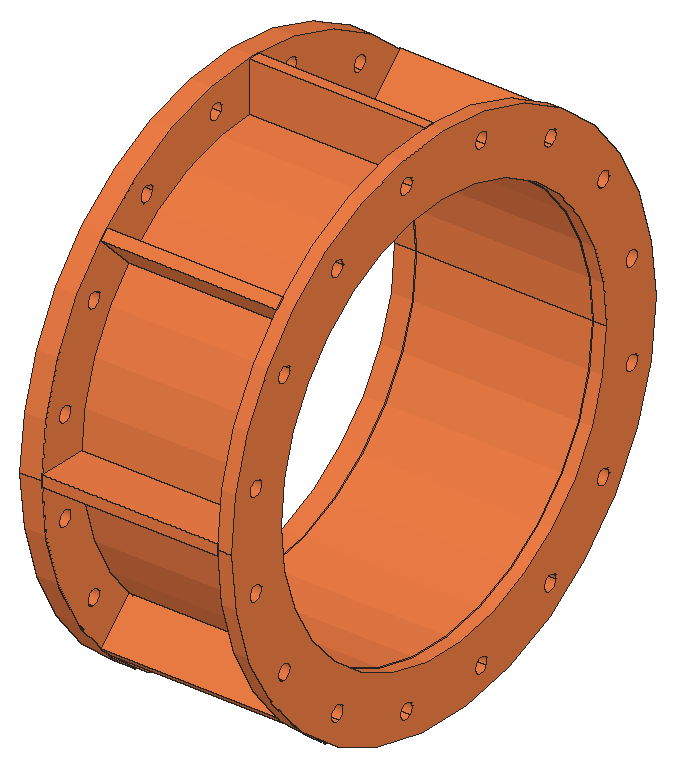
Revit family "固定端", category 常规模型, Revit 2016
Family settings
  零件类型 = 标准
  可将钢筋附着到主体 = 否
  圆形连接件大小 = 使用直径
  基于工作平面 = 否
  总是垂直 = 是
  加载时剪切的空心 = 是
  共享 = 否
  房间计算点 = 否
Parameters
  下厚 = 20 mm
  上厚 = 30 mm
  mat = 钢，油漆面层，蓝色
  L = 500 mm
Reference planes
  plane 1 "中心(前/后)": y = 0
  plane 2: z = 0
  plane 3 "中心(左/右)": x = 0
  plane 4: x = 0
  plane 5: x = 300
  plane 6: x = 280
  plane 7: x = 30
Forms (mm)
  Extrusion 1, solid, material "钢，油漆面层，蓝色" <- "mat"
    sketch origin (150, 0, 0) x (0, 1, 0) y (0, 0, 1)
      loop
        circle (0, 0) r 305
    from -120 to 130
  Extrusion 2, void
    sketch origin (150, 0, 0) x (0, 1, 0) y (0, 0, 1)
      loop
        circle (0, 0) r 289
    from -235 to 326.12
  Extrusion 3, solid, material "钢，油漆面层，蓝色" <- "mat"
    sketch origin (-85, -369.303, 1200) x (0, -1, 0) y (0, 0, 1)
      loop
        circle (-369.303, -1200) r 375
    from -115 to -85
  Extrusion 4, solid, material "钢，油漆面层，蓝色" <- "mat"
    sketch origin (365, -369.303, 1200) x (0, -1, 0) y (0, 0, 1)
      loop
        circle (-369.303, -1200) r 375
    from 65 to 85
  Extrusion 5, solid, material "钢，油漆面层，蓝色" <- "mat"
    sketch origin (365, -369.303, 1200) x (0, -1, 0) y (0, 0, 1)
      loop
        line (-159.504, -978.888) -> (-148.191, -990.201) -> (-98.693, -940.704) -> (-110.007, -929.39) -> (-159.504, -978.888)
    from 85 to 335
  Extrusion 6, solid, material "钢，油漆面层，蓝色" <- "mat"
    sketch origin (365, -1109.665, 587.392) x (0, -0.707107, -0.707107) y (0, -0.707107, 0.707107)
      loop
        line (-159.504, -978.888) -> (-148.191, -990.201) -> (-98.693, -940.704) -> (-110.007, -929.39) -> (-159.504, -978.888)
    from 85 to 335
  Extrusion 7, solid, material "钢，油漆面层，蓝色" <- "mat"
    sketch origin (365, -1200, -369.303) x (0, 0, -1) y (0, -1, 0)
      loop
        line (-159.504, -978.888) -> (-148.191, -990.201) -> (-98.693, -940.704) -> (-110.007, -929.39) -> (-159.504, -978.888)
    from 85 to 335
  Extrusion 8, solid, material "钢，油漆面层，蓝色" <- "mat"
    sketch origin (365, -587.392, -1109.665) x (0, 0.707107, -0.707107) y (0, -0.707107, -0.707107)
      loop
        line (-159.504, -978.888) -> (-148.191, -990.201) -> (-98.693, -940.704) -> (-110.007, -929.39) -> (-159.504, -978.888)
    from 85 to 335
  Extrusion 9, solid, material "钢，油漆面层，蓝色" <- "mat"
    sketch origin (365, 369.303, -1200) x (0, 1, 0) y (0, 0, -1)
      loop
        line (-159.504, -978.888) -> (-148.191, -990.201) -> (-98.693, -940.704) -> (-110.007, -929.39) -> (-159.504, -978.888)
    from 85 to 335
  Extrusion 10, solid, material "钢，油漆面层，蓝色" <- "mat"
    sketch origin (365, 1109.665, -587.392) x (0, 0.707107, 0.707107) y (0, 0.707107, -0.707107)
      loop
        line (-159.504, -978.888) -> (-148.191, -990.201) -> (-98.693, -940.704) -> (-110.007, -929.39) -> (-159.504, -978.888)
    from 85 to 335
  Extrusion 11, solid, material "钢，油漆面层，蓝色" <- "mat"
    sketch origin (365, 1200, 369.303) x (0, 0, 1) y (0, 1, 0)
      loop
        line (-159.504, -978.888) -> (-148.191, -990.201) -> (-98.693, -940.704) -> (-110.007, -929.39) -> (-159.504, -978.888)
    from 85 to 335
  Extrusion 12, solid, material "钢，油漆面层，蓝色" <- "mat"
    sketch origin (365, 587.392, 1109.665) x (0, -0.707107, 0.707107) y (0, 0.707107, 0.707107)
      loop
        line (-159.504, -978.888) -> (-148.191, -990.201) -> (-98.693, -940.704) -> (-110.007, -929.39) -> (-159.504, -978.888)
    from 85 to 335
  Extrusion 13, void
    sketch origin (365, -369.303, 1200) x (0, -1, 0) y (0, 0, 1)
      loop
        circle (-180.548, -917.508) r 11
    from -106.237 to 605.219
  Extrusion 14, void
    sketch origin (365, -800.411, 967.329) x (0, -0.92388, -0.382683) y (0, -0.382683, 0.92388)
      loop
        circle (-180.548, -917.508) r 11
    from -106.237 to 605.219
  Extrusion 15, void
    sketch origin (365, -1109.665, 587.392) x (0, -0.707107, -0.707107) y (0, -0.707107, 0.707107)
      loop
        circle (-180.548, -917.508) r 11
    from -106.237 to 605.219
  Extrusion 16, void
    sketch origin (365, -1249.982, 118.029) x (0, -0.382683, -0.92388) y (0, -0.92388, 0.382683)
      loop
        circle (-180.548, -917.508) r 11
    from -106.237 to 605.219
  Extrusion 17, void
    sketch origin (365, -1200, -369.303) x (0, 0, -1) y (0, -1, 0)
      loop
        circle (-180.548, -917.508) r 11
    from -106.237 to 605.219
  Extrusion 18, void
    sketch origin (365, -967.329, -800.411) x (0, 0.382683, -0.92388) y (0, -0.92388, -0.382683)
      loop
        circle (-180.548, -917.508) r 11
    from -106.237 to 605.219
  Extrusion 19, void
    sketch origin (365, -587.392, -1109.665) x (0, 0.707107, -0.707107) y (0, -0.707107, -0.707107)
      loop
        circle (-180.548, -917.508) r 11
    from -106.237 to 605.219
  Extrusion 20, void
    sketch origin (365, -118.029, -1249.982) x (0, 0.923879, -0.382684) y (0, -0.382684, -0.923879)
      loop
        circle (-180.548, -917.508) r 11
    from -106.237 to 605.219
  Extrusion 21, void
    sketch origin (365, 369.303, -1200) x (0, 1, 0) y (0, 0, -1)
      loop
        circle (-180.548, -917.508) r 11
    from -106.237 to 605.219
  Extrusion 22, void
    sketch origin (365, 800.411, -967.329) x (0, 0.92388, 0.382683) y (0, 0.382683, -0.92388)
      loop
        circle (-180.548, -917.508) r 11
    from -106.237 to 605.219
  Extrusion 23, void
    sketch origin (365, 1109.665, -587.392) x (0, 0.707107, 0.707107) y (0, 0.707107, -0.707107)
      loop
        circle (-180.548, -917.508) r 11
    from -106.237 to 605.219
  Extrusion 24, void
    sketch origin (365, 1249.982, -118.029) x (0, 0.382684, 0.923879) y (0, 0.923879, -0.382684)
      loop
        circle (-180.548, -917.508) r 11
    from -106.237 to 605.219
  Extrusion 25, void
    sketch origin (365, 1200, 369.303) x (0, 0, 1) y (0, 1, 0)
      loop
        circle (-180.548, -917.508) r 11
    from -106.237 to 605.219
  Extrusion 26, void
    sketch origin (365, 967.33, 800.411) x (0, -0.382683, 0.92388) y (0, 0.92388, 0.382683)
      loop
        circle (-180.548, -917.508) r 11
    from -106.237 to 605.219
  Extrusion 27, void
    sketch origin (365, 587.392, 1109.665) x (0, -0.707107, 0.707107) y (0, 0.707107, 0.707107)
      loop
        circle (-180.548, -917.508) r 11
    from -106.237 to 605.219
  Extrusion 28, void
    sketch origin (365, 118.029, 1249.982) x (0, -0.923879, 0.382684) y (0, 0.382684, 0.923879)
      loop
        circle (-180.548, -917.508) r 11
    from -106.237 to 605.219
  Extrusion 29, void
    sketch origin (365, -369.303, 1200) x (0, -1, 0) y (0, 0, 1)
      loop
        circle (-369.303, -1200) r 289
    from 96.207 to -60
  Extrusion 30, void
    sketch origin (150, 0, 0) x (0, 1, 0) y (0, 0, 1)
      loop
        circle (0, 0) r 289
    from -281.671 to -89.956
Cuts and joins
  Extrusion 13, Extrusion 14, Extrusion 15, Extrusion 16, Extrusion 17, Extrusion 18, Extrusion 19, Extrusion 20, Extrusion 21, Extrusion 22, Extrusion 23, Extrusion 24, Extrusion 25, Extrusion 26, Extrusion 27, Extrusion 28, Extrusion 29 cuts Extrusion 4
  Extrusion 13, Extrusion 14, Extrusion 15, Extrusion 16, Extrusion 17, Extrusion 18, Extrusion 19, Extrusion 20, Extrusion 21, Extrusion 22, Extrusion 23, Extrusion 24, Extrusion 25, Extrusion 26, Extrusion 27, Extrusion 28, Extrusion 30 cuts Extrusion 3
  Extrusion 2 cuts Extrusion 1
Dimensions and locks
  aligned and locked: level to plane 2
